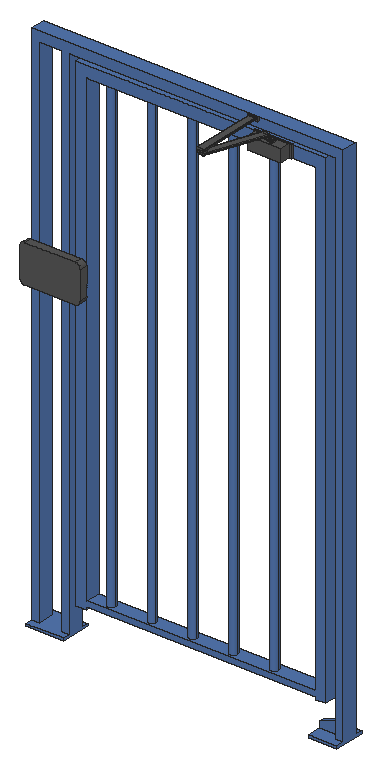
Revit family "Калитка WHD-16", category Generic Models, Revit 2019
Family settings
  Can host rebar = No
  Round Connector Dimension = Use Diameter
  Part Type = Normal
  Work Plane-Based = No
  Always vertical = Yes
  Cut with Voids When Loaded = No
  Shared = No
  Room Calculation Point = No
Parameters
  Weight = "70 kg"
  Voltage = 14 V
  Unit of measurement = "pcs"
  Throughput rate = "12 persons/min"
  Rated power = 36 W
  Passageway width = "960 mm"
  Operating temperature = "from -30°C to +50°C"
  Number = 1
  Name = "WHD-16 Gate"
  Material = Steel painted RAL 5010
  IP Code = "IP54"
  Full name [instance] = if(or(Top left railing, Top right railing, Bottom left railing, Guardrail bottom right), "Full height gate WHD-16 with corner bracket", "Full height gate WHD-16")  # "Full height gate WHD-16"
  Electrical connection = "220 V"
  Dimensions = "350×1224×2093 mm\r\n\r\n350×1224×2093 мм\r\n\r\n350×1224×2093 мм"
  Current = 3 A
  Bottom left railing [instance] = no
  Top right railing [instance] = no
  Top left railing [instance] = no
  Guardrail bottom right [instance] = no
  URL = "https://www.perco.com/products/whd-16-full-height-gate.php"
  Manufacturer = "PERCo"
Reference planes
  plane 1 "По центру (Вперед/Назад)": y = 0
  plane 2: z = 0
  plane 3 "По центру (Влево/Вправо)": x = 0
  plane 4: x = -610
  plane 5: x = 614
  plane 6: y = 60
  plane 7: y = -60
Forms (mm)
  Extrusion 1, solid, material "Steel painted RAL 5010" <- "Material"
    sketch origin (0, 0, 0) x (1, 0, 0) y (0, 1, 0)
      loop
        line (-610, 30) -> (-610, -30) -> (614, -30) -> (614, 30) -> (-610, 30)
    from 2053 to 2093
  Extrusion 2, solid, material "Steel painted RAL 5010" <- "Material"
    sketch origin (0, 0, 0) x (1, 0, 0) y (0, 1, 0)
      loop
        line (-610, 30) -> (-610, -30) -> (-580, -30) -> (-580, 30) -> (-610, 30)
      loop
        line (-460, -30) -> (-460, 30) -> (-490, 30) -> (-490, -30) -> (-460, -30)
    from 10 to 2053
  Extrusion 3, solid, material "Steel painted RAL 5010" <- "Material"
    sketch origin (0, 0, 0) x (1, 0, 0) y (0, 1, 0)
      loop
        line (-610, 0) -> (-610, -60) -> (-460, -60) -> (-460, 60) -> (-610, 60) -> (-610, 0)
    from 0 to 10
  Extrusion 4, solid, material "Steel painted RAL 5010" <- "Material"
    sketch origin (14, 0, 0) x (-1, 0, 0) y (0, -1, 0)
      loop
        line (-600, 0) -> (-600, -60) -> (-490, -60) -> (-490, 60) -> (-600, 60) -> (-600, 0)
    from 0 to 10
  Extrusion 5, solid, material "Steel painted RAL 5010" <- "Material"
    sketch origin (14, 0, 0) x (1, 0, 0) y (0, 1, 0)
      loop
        line (600, 30) -> (570, 30) -> (570, -30) -> (600, -30) -> (600, 30)
    from 10 to 2053
  Extrusion 6, solid, material "Steel painted RAL 5010" <- "Material"
    sketch origin (14, 0, 0) x (1, 0, 0) y (0, 0, 1)
      loop
        line (490, 10) -> (570, 10) -> (570, 63.676) -> (490, 34.559) -> (490, 10)
    from -10 to 10
  Extrusion 7, solid, material "Steel painted RAL 5010" <- "Material"
    sketch origin (0, 0, 0) x (1, 0, 0) y (0, 0, 1)
      loop
        line (-435, 2040) -> (-435, 121) -> (-395, 121) -> (-395, 2040) -> (-435, 2040)
      loop
        line (545, 2040) -> (505, 2040) -> (505, 121) -> (545, 121) -> (545, 2040)
    from -30 to 30
  Extrusion 8, solid, material "Steel painted RAL 5010" <- "Material"
    sketch origin (0, 0, 0) x (1, 0, 0) y (0, 1, 0)
      loop
        line (-435, 30) -> (-435, -30) -> (545, -30) -> (545, 30) -> (-435, 30)
    from 131 to 151
  Extrusion 9, solid, material "Steel painted RAL 5010" <- "Material"
    sketch origin (0, 0, 0) x (1, 0, 0) y (0, 1, 0)
      loop
        line (-435, 30) -> (-435, -30) -> (545, -30) -> (545, 30) -> (-435, 30)
    from 1993.607 to 2040
  Extrusion 10, solid, material "Steel painted RAL 5010" <- "Material"
    sketch origin (0, 0, 0) x (1, 0, 0) y (0, 1, 0)
      loop
        circle (0, 0) r 15
      loop
        circle (-160, 0) r 15
      loop
        circle (-320, 0) r 15
      loop
        circle (160, 0) r 15
      loop
        circle (320, 0) r 15
    from 151 to 1993.607
  Extrusion 11, solid, material "Laminate - black"
    sketch origin (0, 0, 0) x (1, 0, 0) y (0, 0, 1)
      loop
        arc (-415, 1200) -> (-400.858, 1205.858) -> (-395, 1220) r 20
        line (-395, 1220) -> (-395, 1330)
        arc (-395, 1330) -> (-400.858, 1344.142) -> (-415, 1350) r 20
        line (-415, 1350) -> (-612, 1350)
        arc (-612, 1350) -> (-626.142, 1344.142) -> (-632, 1330) r 20
        line (-632, 1330) -> (-632, 1220)
        arc (-632, 1220) -> (-626.142, 1205.858) -> (-612, 1200) r 20
        line (-612, 1200) -> (-415, 1200)
    from 30 to 60
  Extrusion 12, solid, material "Laminate - black"
    sketch origin (-0.367, 0, -36.393) x (1, 0, 0) y (0, 0, 1)
      loop
        line (315, 2030) -> (365, 2030) -> (415, 2030) -> (415, 2080) -> (265, 2080) -> (265, 2030) -> (315, 2030)
    from 35 to 30
  Extrusion 13, solid, material "Laminate - black"
    sketch origin (-0.367, 0, -36.393) x (1, 0, 0) y (0, 0, 1)
      loop
        line (275, 2080) -> (275, 2030) -> (405, 2030) -> (405, 2080) -> (275, 2080)
    from 35 to 75
  Sweep 14, solid, material "Laminate - black"
    path origin (339.633, -75, 2963.607) x (0.34202, 0.939693, 0) y (0, 0, 1)
      loop
        line (32.996, -917) -> (17.996, -917)
        arc (17.996, -917) -> (14.46, -915.536) -> (12.996, -912) r 5
        line (12.996, -912) -> (12.996, -902)
        arc (12.996, -902) -> (10.067, -894.929) -> (2.996, -892) r 10
        line (2.996, -892) -> (-228.798, -892)
    profile origin (301.018, -181.093, 2071.607) x (0, 0, -1) y (0.939693, -0.34202, 0)
      loop
        arc (-3, -13) -> (-2.414, -14.414) -> (-1, -15) r 2
        line (-1, -15) -> (1, -15)
        arc (1, -15) -> (2.414, -14.414) -> (3, -13) r 2
        line (3, -13) -> (3, 13)
        arc (3, 13) -> (2.414, 14.414) -> (1, 15) r 2
        line (1, 15) -> (-1, 15)
        arc (-1, 15) -> (-2.414, 14.414) -> (-3, 13) r 2
        line (-3, 13) -> (-3, -13)
  Extrusion 15, solid, material "Laminate - black"
    sketch origin (2.105, 0, -45.5) x (1, 0, 0) y (0, 0, 1)
      loop
        line (239.274, 2131) -> (239.274, 2123.5) -> (279.274, 2123.5) -> (279.274, 2138.5) -> (239.274, 2138.5) -> (239.274, 2131)
    from 30 to 35
  Extrusion 16, solid, material "Laminate - black"
    sketch origin (2.105, 0, -45.5) x (1, 0, 0) y (0, 0, 1)
      loop
        spline (245.178, 2130) -> (245.194, 2129.739) -> (245.242, 2129.482) -> (245.321, 2129.235) -> (245.43, 2129) -> (245.567, 2128.782) -> (245.729, 2128.586) -> (245.914, 2128.413) -> (246.118, 2128.268) -> (246.339, 2128.152) -> (246.571, 2128.068) -> (246.812, 2128.017) -> (247.058, 2128)
        line (247.058, 2128) -> (271.49, 2128)
        spline (271.49, 2128) -> (271.735, 2128.017) -> (271.976, 2128.068) -> (272.209, 2128.152) -> (272.429, 2128.268) -> (272.634, 2128.413) -> (272.819, 2128.586) -> (272.981, 2128.782) -> (273.117, 2129) -> (273.226, 2129.235) -> (273.305, 2129.482) -> (273.353, 2129.739) -> (273.369, 2130)
        line (273.369, 2130) -> (273.369, 2132)
        spline (273.369, 2132) -> (273.353, 2132.261) -> (273.305, 2132.518) -> (273.226, 2132.765) -> (273.117, 2133) -> (272.981, 2133.218) -> (272.819, 2133.414) -> (272.634, 2133.587) -> (272.429, 2133.732) -> (272.209, 2133.848) -> (271.976, 2133.932) -> (271.735, 2133.983) -> (271.49, 2134)
        line (271.49, 2134) -> (247.058, 2134)
        spline (247.058, 2134) -> (246.812, 2133.983) -> (246.571, 2133.932) -> (246.339, 2133.848) -> (246.118, 2133.732) -> (245.914, 2133.587) -> (245.729, 2133.414) -> (245.567, 2133.218) -> (245.43, 2133) -> (245.321, 2132.765) -> (245.242, 2132.518) -> (245.194, 2132.261) -> (245.178, 2132)
        line (245.178, 2132) -> (245.178, 2130)
    from 30 to 290
  Extrusion 17, solid, material "Laminate - black"
    sketch origin (49.257, 20.503, -36.393) x (1, 0, 0) y (0, 1, 0)
      loop
        circle (215.213, -300.993) r 10
    from 2111 to 2118.893
Cuts and joins
  joined: Extrusion 1, Extrusion 2, Extrusion 3, Extrusion 4, Extrusion 5, Extrusion 6, Extrusion 7, Extrusion 8, Extrusion 9, Extrusion 10
Dimensions and locks
  Extrusion 1 to Extrusion 4 = 1224 mm
  Extrusion 4 to Extrusion 16 = 350 mm
  aligned and locked: level to plane 2
Nested families
  nested 1: "MB-16 Fencing" at (674, 560, 0) x (0, 1, 0) z (0, 0, 1), visible <- "Top right railing", type "MB-16 Fencing"
  nested 2: "MB-16 Fencing" at (674, -560, 0) x (0, -1, 0) z (0, 0, 1), visible <- "Guardrail bottom right", type "MB-16 Fencing"
  nested 3: "MB-16 Fencing" at (-670, 560, 0) x (0, 1, 0) z (0, 0, 1), visible <- "Top left railing", type "MB-16 Fencing"
  nested 4: "MB-16 Fencing" at (-670, -530, 0) x (0, -1, 0) z (0, 0, 1), visible <- "Bottom left railing", type "MB-16 Fencing"
Definition of nested family "MB-16 Fencing"
  Parameters (values of type "MB-16 Fencing")
    Weight = "31 kg"
    Unit of measurement = "pcs"
    URL = "https://www.perco.com/products/mb-16-full-height-railing.php"
    Operating temperature = "from -40°C to +55°C"
    Number = 1
    Name = "MB-16 Fencing"
    Material = none
    Manufacturer = "PERCo"
    Full name = "MB-16 Full height fence"
    Dimensions = "1000х120х2093 mm"
  Reference planes
    plane 1 "По центру (Вперед/Назад)": y = 0
    plane 2: z = 0
    plane 3 "По центру (Влево/Вправо)": x = 0
    plane 4: y = 60
    plane 5: y = -60
    plane 6: x = 500
    plane 7: x = -500
  Forms (mm)
    Extrusion 1, solid
      sketch origin (0, 0, 0) x (1, 0, 0) y (0, 1, 0)
        loop
          line (-500, 30) -> (-500, -30) -> (500, -30) -> (500, 30) -> (-500, 30)
      from 2120 to 2150
    Extrusion 2, solid
      sketch origin (0, 0, 0) x (1, 0, 0) y (0, 1, 0)
        loop
          line (-470, 30) -> (-470, -30) -> (470, -30) -> (470, 30) -> (-470, 30)
      from 135 to 155
    Extrusion 3, solid
      sketch origin (0, 0, 0) x (1, 0, 0) y (0, 1, 0)
        loop
          line (-500, 30) -> (-500, -30) -> (-470, -30) -> (-470, 30) -> (-500, 30)
        loop
          line (500, 30) -> (470, 30) -> (470, -30) -> (500, -30) -> (500, 30)
      from 10 to 2120
    Extrusion 4, solid
      sketch origin (0, 0, 0) x (1, 0, 0) y (0, 1, 0)
        loop
          line (-500, 0) -> (-500, -60) -> (-401.006, -60) -> (-380, -30) -> (-380, 30) -> (-401.006, 60) -> (-500, 60) -> (-500, 0)
        loop
          line (500, 0) -> (500, 60) -> (401.006, 60) -> (380, 30) -> (380, -30) -> (401.006, -60) -> (500, -60) -> (500, 0)
      from 0 to 10
    Extrusion 5, solid
      sketch origin (-90, 0, 0) x (1, 0, 0) y (0, 0, 1)
        loop
          line (-290, 10) -> (-290, 20) -> (-380, 71.962) -> (-380, 10) -> (-290, 10)
      from -30 to -20
    Extrusion 6, solid
      sketch origin (-90, 0, 0) x (1, 0, 0) y (0, 0, 1)
        loop
          line (-290, 10) -> (-290, 20) -> (-380, 71.962) -> (-380, 10) -> (-290, 10)
      from 30 to 20
    Extrusion 7, solid
      sketch origin (90, 0, 0) x (-1, 0, 0) y (0, 0, -1)
        loop
          line (-290, -10) -> (-380, -10) -> (-380, -71.962) -> (-290, -20) -> (-290, -10)
      from -30 to -20
    Extrusion 8, solid
      sketch origin (90, 0, 0) x (-1, 0, 0) y (0, 0, -1)
        loop
          line (-290, -10) -> (-380, -10) -> (-380, -71.962) -> (-290, -20) -> (-290, -10)
      from 30 to 20
    Extrusion 9, solid
      sketch origin (0, 0, 0) x (1, 0, 0) y (0, 1, 0)
        loop
          circle (0, 0) r 15
        loop
          circle (-152.5, 0) r 15
        loop
          circle (-305, 0) r 15
        loop
          circle (152.5, 0) r 15
        loop
          circle (305, 0) r 15
      from 155 to 2120
  Cuts and joins
    joined: Extrusion 1, Extrusion 2, Extrusion 3, Extrusion 4, Extrusion 5, Extrusion 6, Extrusion 7, Extrusion 8, Extrusion 9
  Dimensions and locks
    cut or joined group 1 (Extrusion 1, Extrusion 2, Extrusion 3, Extrusion 4, Extrusion 5, Extrusion 6, Extrusion 7, Extrusion 8, Extrusion 9) to cut or joined group 1 = 1000 mm
    aligned and locked: level to plane 2
